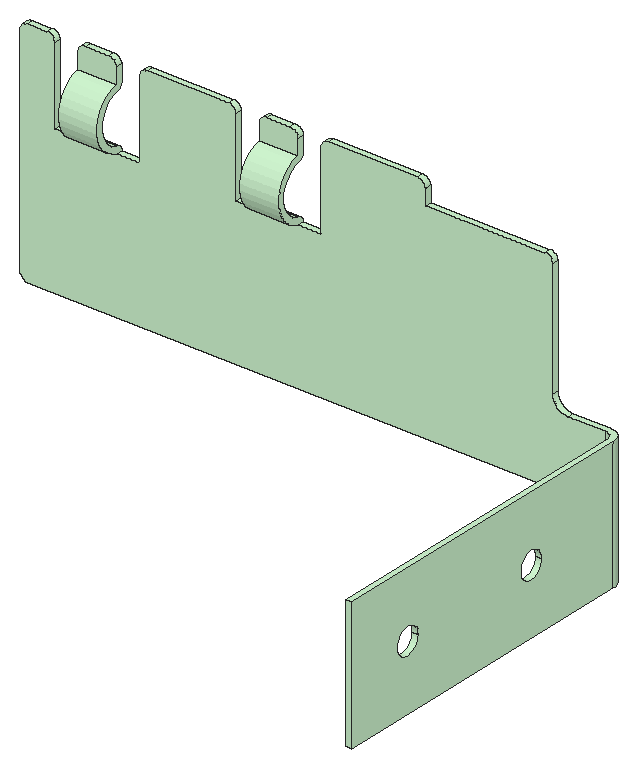
Revit family "etlcross_h8_right", category 機械設備, Revit 2022
Family settings
  丸型コネクタ寸法 = 直径を使用
  種別 = なし
  パーツ タイプ = 標準
  作業面ベース = いいえ
  常に垂直 = はい
  ロード時にボイドで切り取り = いいえ
  注釈の向きを維持 = いいえ
  共有 = いいえ
  部屋計算ポイント = いいえ
Parameters
  製造元 = "株式会社桐井製作所"
  既定の高さ = 0 mm
  URL = "https://www.kirii.co.jp/"
  K_材質 = "溶融亜鉛めっき鋼板及び鋼帯 SGCC 一般用"
  K_品名 = "eTLクロスH=8(30-35兼用ビス)右"
  K_名称 = "eTLクロス"
  K_入数 = "400"
  K_備考 = "対象Tバー:eT4015、eY4815　対象Lバー:eL3025(30面)、eL3520(35面)"
  K_バージョン情報 = "20220411"
  K_めっき付着量 = "Z12"
  K_JIS規格 = "JIS G 3302"
Reference planes
  plane 1 "中心(正面/背面)": y = 0
  plane 2: z = 0
  plane 3 "中心(左/右)": x = 0
Forms (mm)
  Extrusion 1, solid
    sketch origin (0, 0, 0) x (-1, 0, 0) y (0, -1, 0)
      loop
        line (69.8, 0.8) -> (-6, 0.8)
        arc (-6, 0.8) -> (-6.849, 1.151) -> (-7.2, 2) r 1.2
        line (-7.2, 2) -> (-7.2, 44.3) -> (-8, 44.3) -> (-8, 2)
        arc (-8, 2) -> (-7.414, 0.586) -> (-6, 0) r 2
        line (-6, 0) -> (69.8, 0) -> (69.8, 0.8)
    from -8 to 30
  Extrusion 2, void
    sketch origin (0, 0, 0) x (1, 0, 0) y (0, 0, 1)
      loop
        line (6, 30) -> (-18.3, 30)
        arc (-18.3, 30) -> (-17.593, 29.707) -> (-17.3, 29) r 1
        line (-17.3, 29) -> (-17.3, 27) -> (-1.8, 27)
        arc (-1.8, 27) -> (-1.093, 26.707) -> (-0.8, 26) r 1
        line (-0.8, 26) -> (-0.8, 11)
        arc (-0.8, 11) -> (-0.214, 9.586) -> (1.2, 9) r 2
        line (1.2, 9) -> (6, 9) -> (6, 30)
    from 0 to 0.8
  Extrusion 3, void
    sketch origin (0, 0, 0) x (1, 0, 0) y (0, 0, 1)
      loop
        line (-65.3, 29) -> (-65.3, 19) -> (-54.3, 19) -> (-54.3, 29)
        arc (-54.3, 29) -> (-54.007, 29.707) -> (-53.3, 30) r 1
        line (-53.3, 30) -> (-66.3, 30)
        arc (-66.3, 30) -> (-65.593, 29.707) -> (-65.3, 29) r 1
    from 0 to 0.8
  Extrusion 4, solid
    sketch origin (-23.5, 0, 0) x (0, 1, 0) y (0, 0, -1)
      loop
        arc (-0.8, -19) -> (-4, -23) -> (-0.8, -27) r 4.1
        line (-0.8, -27) -> (-0.8, -30) -> (0, -30) -> (0, -27)
        arc (0, -27) -> (-0.175, -26.5) -> (-0.624, -26.22) r 0.8
        arc (-0.624, -26.22) -> (-3.2, -23) -> (-0.624, -19.78) r 3.3
        arc (-0.624, -19.78) -> (-0.175, -19.5) -> (0, -19) r 0.8
        line (0, -19) -> (-0.8, -19)
    from 33.8 to 38.8
  Extrusion 5, void
    sketch origin (23.5, 0, 0) x (1, 0, 0) y (0, 0, 1)
      loop
        line (-65.3, 29) -> (-65.3, 19) -> (-54.3, 19) -> (-54.3, 29)
        arc (-54.3, 29) -> (-54.007, 29.707) -> (-53.3, 30) r 1
        line (-53.3, 30) -> (-66.3, 30)
        arc (-66.3, 30) -> (-65.593, 29.707) -> (-65.3, 29) r 1
    from 0 to 0.8
  Extrusion 6, solid
    sketch origin (0, 0, 0) x (0, 1, 0) y (0, 0, -1)
      loop
        arc (-0.8, -19) -> (-4, -23) -> (-0.8, -27) r 4.1
        line (-0.8, -27) -> (-0.8, -30) -> (0, -30) -> (0, -27)
        arc (0, -27) -> (-0.175, -26.5) -> (-0.624, -26.22) r 0.8
        arc (-0.624, -26.22) -> (-3.2, -23) -> (-0.624, -19.78) r 3.3
        arc (-0.624, -19.78) -> (-0.175, -19.5) -> (0, -19) r 0.8
        line (0, -19) -> (-0.8, -19)
    from 33.8 to 38.8
  Extrusion 7, void
    sketch origin (0, 0, 0) x (0, 1, 0) y (0, 0, 1)
      loop
        circle (-35.3, 0.5) r 1.75
    from 7.2 to 8
  Extrusion 8, void
    sketch origin (0, 0, 0) x (1, 0, 0) y (0, 0, 1)
      loop
        line (-61.3, 30) -> (-62.3, 30) -> (-62.3, 29)
        arc (-62.3, 29) -> (-62.007, 29.707) -> (-61.3, 30) r 1
    from 0 to 0.8
  Extrusion 9, void
    sketch origin (-119.6, 0, 0) x (-1, 0, 0) y (0, 0, -1)
      loop
        arc (-61.3, -30) -> (-62.007, -29.707) -> (-62.3, -29) r 1
        line (-62.3, -29) -> (-62.3, -30) -> (-61.3, -30)
    from 0 to 0.8
  Extrusion 10, void
    sketch origin (23.5, 0, 0) x (1, 0, 0) y (0, 0, 1)
      loop
        line (-61.3, 30) -> (-62.3, 30) -> (-62.3, 29)
        arc (-62.3, 29) -> (-62.007, 29.707) -> (-61.3, 30) r 1
    from 0 to 0.8
  Extrusion 11, void
    sketch origin (-96.1, 0, 0) x (-1, 0, 0) y (0, 0, -1)
      loop
        arc (-61.3, -30) -> (-62.007, -29.707) -> (-62.3, -29) r 1
        line (-62.3, -29) -> (-62.3, -30) -> (-61.3, -30)
    from 0 to 0.8
  Extrusion 12, void
    sketch origin (-7.5, 0, 0) x (1, 0, 0) y (0, 0, 1)
      loop
        line (-61.3, 30) -> (-62.3, 30) -> (-62.3, 29)
        arc (-62.3, 29) -> (-62.007, 29.707) -> (-61.3, 30) r 1
    from 0 to 0.8
  Extrusion 13, void
    sketch origin (0, 20, 0) x (0, 1, 0) y (0, 0, 1)
      loop
        circle (-35.3, 0.5) r 1.75
    from 7.2 to 8
  Extrusion 14, void
    sketch origin (0, 0, 0) x (1, 0, 0) y (0, 0, 1)
      loop
        line (-69.8, -8) -> (1, -8)
        arc (1, -8) -> (0.293, -7.707) -> (0, -7) r 1
        line (0, -7) -> (0, 0) -> (-68.8, 0)
        arc (-68.8, 0) -> (-69.507, 0.293) -> (-69.8, 1) r 1
        line (-69.8, 1) -> (-69.8, -8)
    from 0 to 0.8
  Extrusion 15, void
    sketch origin (0, 0, 0) x (1, 0, 0) y (0, 1, 0)
      loop
        arc (6, -0.8) -> (6.849, -1.151) -> (7.2, -2) r 1.2
        line (7.2, -2) -> (7.2, -44.3) -> (8, -44.3) -> (8, -2)
        arc (8, -2) -> (7.414, -0.586) -> (6, 0) r 2
        line (6, 0) -> (6, -0.8)
    from 9 to 30
Cuts and joins
  Extrusion 2, Extrusion 3, Extrusion 5, Extrusion 7, Extrusion 12, Extrusion 13, Extrusion 14, Extrusion 15 cuts Extrusion 1
  Extrusion 5, Extrusion 8, Extrusion 9, Extrusion 10, Extrusion 11, Extrusion 12 cuts Extrusion 4
  Extrusion 10, Extrusion 11 cuts Extrusion 6
  joined: Extrusion 1, Extrusion 4, Extrusion 6
Dimensions and locks
  aligned and locked: level to plane 2
